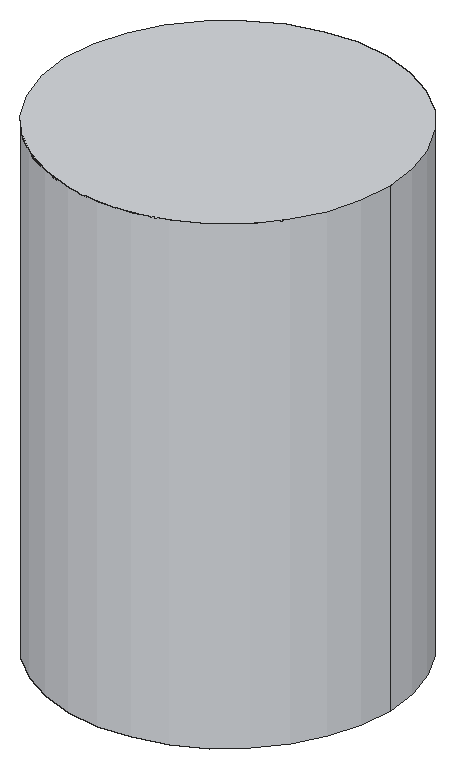
Revit family "Kohler Kankara 76601IN-0 Family", category Plumbing Fixtures, Revit 2018
Family settings
  Round Connector Dimension = Use Diameter
  Part Type = Normal
  OmniClass Number = 23.45.00.00
  OmniClass Title = Sanitary, Laundry, and Cleaning Equipment
  Work Plane-Based = No
  Always vertical = Yes
  Cut with Voids When Loaded = No
  Shared = No
  Room Calculation Point = No
Parameters (values of type "Kohler 76601IN-0")
  Width = 402.5 mm
  URL = "http://www.us.kohler.com"
  Type Image = 76601IN-0.tif
  Model = "Kohler Kankara 76601IN-0"
  Material = ceramic
  Manufacturer = "Kohler"
  Length = 562.9 mm
  Description = "Vessel without mixer hole in white"
  Depth = 140 mm
Reference planes
  plane 1 "Center (Front/Back)": y = 0
  plane 2: z = 0
  plane 3 "Center (Left/Right)": x = 0
Forms (mm)
  Extrusion 1, solid
    sketch origin (0, 0, 0) x (1, 0, 0) y (0, 1, 0)
      loop
        circle (10.619, 0.762) r 19.846
    from -140 to -82.609
Dimensions and locks
  aligned and locked: level to plane 2
